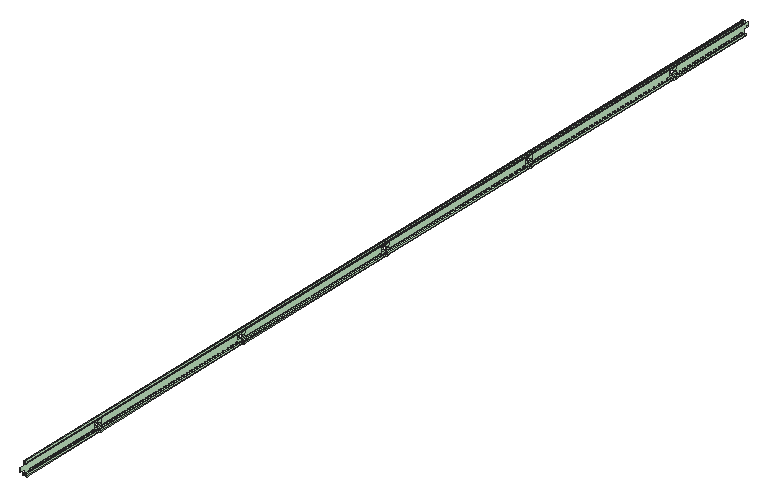
Revit family "eYバー4815メイン(640グリッド用)", category 機械設備, Revit 2022
Family settings
  丸型コネクタ寸法 = 直径を使用
  種別 = なし
  パーツ タイプ = 標準
  作業面ベース = いいえ
  常に垂直 = はい
  ロード時にボイドで切り取り = いいえ
  注釈の向きを維持 = いいえ
  共有 = いいえ
  部屋計算ポイント = いいえ
Parameters
  製造元 = "株式会社桐井製作所"
  既定の高さ = 0 mm
  URL = "https://www.kirii.co.jp/"
  K_長さ(mm) = 3200 mm
  K_材質 = "溶融亜鉛めっき鋼板及び鋼帯SGCC 一般用　カラー鋼板"
  K_品名 = "eYバー4815メイン(640グリッド用)"
  K_名称 = "Yバー"
  K_入数 = "20"
  K_バージョン情報 = "20250901"
  K_めっき付着量 = "JIS G 3302 Z12、カラー鋼板　塗装膜厚20μ(白色)"
  K_JIS規格 = "JIS G 3302"
Reference planes
  plane 1 "中心(正面/背面)": y = 0
  plane 2: z = 0
  plane 3 "中心(左/右)": x = 0
  plane 4: y = 3200
Forms (mm)
  Extrusion 1, solid
    sketch origin (0, 0, 7.1) x (-1, 0, 0) y (0, 0, 1)
      loop
        arc (6.336, -7.1) -> (7.064, -6.785) -> (7.334, -6.038) r 1
        line (7.334, -6.038) -> (6.959, -0.038)
        arc (6.959, -0.038) -> (6.645, 0.629) -> (5.961, 0.9) r 1
        line (5.961, 0.9) -> (0.4, 0.9) -> (0.4, 31)
        arc (0.4, 31) -> (0.715, 31.465) -> (1.263, 31.343) r 0.5
        arc (1.263, 31.343) -> (1.627, 31.018) -> (2.1, 30.9) r 1.011
        arc (2.1, 30.9) -> (2.736, 31.164) -> (3, 31.8) r 0.9
        line (3, 31.8) -> (3, 39.9)
        arc (3, 39.9) -> (2.473, 40.781) -> (1.448, 40.734) r 1
        line (1.448, 40.734) -> (0, 39.782) -> (-1.448, 40.734)
        arc (-1.448, 40.734) -> (-2.473, 40.781) -> (-3, 39.9) r 1
        line (-3, 39.9) -> (-3, 31.8)
        arc (-3, 31.8) -> (-2.736, 31.164) -> (-2.1, 30.9) r 0.9
        arc (-2.1, 30.9) -> (-1.627, 31.018) -> (-1.263, 31.343) r 1.011
        arc (-1.263, 31.343) -> (-0.715, 31.465) -> (-0.4, 31) r 0.5
        line (-0.4, 31) -> (-0.4, 0.9) -> (-5.961, 0.9)
        arc (-5.961, 0.9) -> (-6.645, 0.629) -> (-6.959, -0.036) r 1
        line (-6.959, -0.036) -> (-7.334, -6.039)
        arc (-7.334, -6.039) -> (-7.064, -6.785) -> (-6.336, -7.1) r 1
        line (-6.336, -7.1) -> (-3.65, -7.1)
        arc (-3.65, -7.1) -> (-3.4, -6.85) -> (-3.65, -6.6) r 0.25
        line (-3.65, -6.6) -> (-6.336, -6.6)
        arc (-6.336, -6.6) -> (-6.7, -6.442) -> (-6.835, -6.069) r 0.5
        line (-6.835, -6.069) -> (-6.46, -0.069)
        arc (-6.46, -0.069) -> (-6.2, 0.339) -> (-5.718, 0.337) r 0.5
        arc (-5.718, 0.337) -> (-5.317, 0.087) -> (-4.852, 0) r 1.28
        line (-4.852, 0) -> (4.852, 0)
        arc (4.852, 0) -> (5.317, 0.087) -> (5.718, 0.337) r 1.28
        arc (5.718, 0.337) -> (6.2, 0.339) -> (6.46, -0.069) r 0.5
        line (6.46, -0.069) -> (6.835, -6.069)
        arc (6.835, -6.069) -> (6.7, -6.442) -> (6.336, -6.6) r 0.5
        line (6.336, -6.6) -> (3.65, -6.6)
        arc (3.65, -6.6) -> (3.4, -6.85) -> (3.65, -7.1) r 0.25
        line (3.65, -7.1) -> (6.336, -7.1)
      loop
        arc (-1.668, 40.4) -> (-2.283, 40.429) -> (-2.6, 39.9) r 0.6
        line (-2.6, 39.9) -> (-2.6, 31.8)
        arc (-2.6, 31.8) -> (-2.302, 31.342) -> (-1.763, 31.431) r 0.5
        line (-1.763, 31.431) -> (-1.063, 31.885)
        arc (-1.063, 31.885) -> (-0.324, 31.692) -> (0, 31) r 0.9
        arc (0, 31) -> (0.324, 31.692) -> (1.063, 31.885) r 0.9
        line (1.063, 31.885) -> (1.763, 31.431)
        arc (1.763, 31.431) -> (2.302, 31.342) -> (2.6, 31.8) r 0.5
        line (2.6, 31.8) -> (2.6, 39.9)
        arc (2.6, 39.9) -> (2.283, 40.429) -> (1.668, 40.4) r 0.6
        line (1.668, 40.4) -> (0.549, 39.664)
        arc (0.549, 39.664) -> (0, 39.5) -> (-0.549, 39.664) r 1
        line (-0.549, 39.664) -> (-1.668, 40.4)
    from 0 to 3200
  Extrusion 2, solid
    sketch origin (0.4, 0, 38.1) x (0, 0, -1) y (0, 1, 0)
      loop
        line (3.661, 0) -> (3.661, -19.4)
        arc (3.661, -19.4) -> (3.954, -20.107) -> (4.661, -20.4) r 1
        line (4.661, -20.4) -> (16.783, -20.4)
        arc (16.783, -20.4) -> (17.49, -20.107) -> (17.783, -19.4) r 1
        line (17.783, -19.4) -> (17.783, 0) -> (17.783, 21.201) -> (3.661, 21.201) -> (3.661, 0)
    from -0.8 to 0
  Extrusion 3, void
    sketch origin (0.4, 660, 38.1) x (0, 0, 1) y (0, 1, 0)
      loop
        line (-5.5, 284.4) -> (-5.5, 315.6) -> (-23.1, 315.6) -> (-23.1, 284.4) -> (-5.5, 284.4)
    from 0 to 0.8
  Extrusion 4, void
    sketch origin (0, 2472.517, 0) x (-1, 0, 0) y (0, -1, 0)
      loop
        line (8.021, 1505.493) -> (8.021, 1520.226) -> (3.318, 1516.682) -> (3.318, 1509.037) -> (8.021, 1505.493)
    from 0 to 10
  Extrusion 5, void
    sketch origin (0, 662.195, 0) x (1, 0, 0) y (0, 1, 0)
      loop
        line (8.021, 290.095) -> (8.021, 304.829) -> (3.318, 301.285) -> (3.318, 293.639) -> (8.021, 290.095)
    from 0 to 10
  Extrusion 6, void
    sketch origin (-0.4, 678.192, 38.412) x (0, 0, 1) y (0, -1, 0)
      loop
        arc (-19.9, -284.4) -> (-14.3, -287.9) -> (-8.7, -284.4) r 6.23
        line (-8.7, -284.4) -> (-19.9, -284.4)
      loop
        arc (-8.7, -297.4) -> (-14.3, -293.9) -> (-19.9, -297.4) r 6.23
        line (-19.9, -297.4) -> (-8.7, -297.4)
    from 1.2 to 3.447
  Extrusion 7, solid
    sketch origin (-0.081, 678.2, -0.26) x (-1, 0, 0) y (0, 0, -1)
      loop
        line (-0.387, -33.66) -> (-0.387, -32.86) -> (-1.476, -32.86) -> (-1.476, -26.291)
        arc (-1.476, -26.291) -> (-2.487, -24.267) -> (-1.487, -22.238) r 2.545
        line (-1.487, -22.238) -> (-1.487, -15.26) -> (-0.387, -15.26) -> (-0.387, -14.46) -> (-2.087, -14.46) -> (-2.088, -21.96)
        arc (-2.088, -21.96) -> (-3.087, -24.26) -> (-2.087, -26.56) r 3.145
        line (-2.087, -26.56) -> (-2.087, -33.66) -> (-0.387, -33.66)
    from -297.4 to -284.4
  Extrusion 8, void
    sketch origin (0.4, 659.992, 38.413) x (0, 0, 1) y (0, 1, 0)
      loop
        line (-19.9, 284.4) -> (-8.7, 284.4)
        arc (-8.7, 284.4) -> (-14.3, 287.9) -> (-19.9, 284.4) r 6.23
      loop
        line (-8.7, 297.4) -> (-19.9, 297.4)
        arc (-19.9, 297.4) -> (-14.3, 293.9) -> (-8.7, 297.4) r 6.23
    from 1.2 to 3.447
  Extrusion 9, solid
    sketch origin (0.081, 660, -0.26) x (1, 0, 0) y (0, 0, 1)
      loop
        line (-0.387, 33.66) -> (-2.087, 33.66) -> (-2.087, 26.56)
        arc (-2.087, 26.56) -> (-3.087, 24.26) -> (-2.088, 21.96) r 3.145
        line (-2.088, 21.96) -> (-2.087, 14.46) -> (-0.387, 14.46) -> (-0.387, 15.26) -> (-1.487, 15.26) -> (-1.487, 22.238)
        arc (-1.487, 22.238) -> (-2.487, 24.267) -> (-1.476, 26.291) r 2.545
        line (-1.476, 26.291) -> (-1.476, 32.86) -> (-0.387, 32.86) -> (-0.387, 33.66)
    from -297.4 to -284.4
  Extrusion 10, void
    sketch origin (0, 0, 0) x (0, 1, 0) y (0, 0, 1)
      loop
        line (-9.2, 28.314) -> (-16.4, 28.314) -> (-16.4, 23.514) -> (-9.2, 23.514) -> (-9.2, 28.314)
    from -0.4 to 0.4
  Extrusion 11, void
    sketch origin (0.4, 1300, 38.1) x (0, 0, 1) y (0, 1, 0)
      loop
        line (-5.5, 284.4) -> (-5.5, 315.6) -> (-23.1, 315.6) -> (-23.1, 284.4) -> (-5.5, 284.4)
    from 0 to 0.8
  Extrusion 12, void
    sketch origin (0, 1303.014, 0) x (1, 0, 0) y (0, 1, 0)
      loop
        line (8.021, 290.095) -> (8.021, 304.829) -> (3.318, 301.285) -> (3.318, 293.639) -> (8.021, 290.095)
    from 0 to 10
  Extrusion 13, void
    sketch origin (0, 3113.335, 0) x (-1, 0, 0) y (0, -1, 0)
      loop
        line (8.021, 1505.493) -> (8.021, 1520.226) -> (3.318, 1516.682) -> (3.318, 1509.037) -> (8.021, 1505.493)
    from 0 to 10
  Extrusion 14, void
    sketch origin (-0.4, 1318.192, 38.412) x (0, 0, 1) y (0, -1, 0)
      loop
        arc (-19.9, -284.4) -> (-14.3, -287.9) -> (-8.7, -284.4) r 6.23
        line (-8.7, -284.4) -> (-19.9, -284.4)
      loop
        arc (-8.7, -297.4) -> (-14.3, -293.9) -> (-19.9, -297.4) r 6.23
        line (-19.9, -297.4) -> (-8.7, -297.4)
    from 1.2 to 3.447
  Extrusion 15, solid
    sketch origin (-0.081, 1318.2, -0.26) x (-1, 0, 0) y (0, 0, -1)
      loop
        line (-0.387, -33.66) -> (-0.387, -32.86) -> (-1.476, -32.86) -> (-1.476, -26.291)
        arc (-1.476, -26.291) -> (-2.487, -24.267) -> (-1.487, -22.238) r 2.545
        line (-1.487, -22.238) -> (-1.487, -15.26) -> (-0.387, -15.26) -> (-0.387, -14.46) -> (-2.087, -14.46) -> (-2.088, -21.96)
        arc (-2.088, -21.96) -> (-3.087, -24.26) -> (-2.087, -26.56) r 3.145
        line (-2.087, -26.56) -> (-2.087, -33.66) -> (-0.387, -33.66)
    from -297.4 to -284.4
  Extrusion 16, void
    sketch origin (0.4, 1299.992, 38.413) x (0, 0, 1) y (0, 1, 0)
      loop
        line (-19.9, 284.4) -> (-8.7, 284.4)
        arc (-8.7, 284.4) -> (-14.3, 287.9) -> (-19.9, 284.4) r 6.23
      loop
        line (-8.7, 297.4) -> (-19.9, 297.4)
        arc (-19.9, 297.4) -> (-14.3, 293.9) -> (-8.7, 297.4) r 6.23
    from 1.2 to 3.447
  Extrusion 17, solid
    sketch origin (0.081, 1300, -0.26) x (1, 0, 0) y (0, 0, 1)
      loop
        line (-0.387, 33.66) -> (-2.087, 33.66) -> (-2.087, 26.56)
        arc (-2.087, 26.56) -> (-3.087, 24.26) -> (-2.088, 21.96) r 3.145
        line (-2.088, 21.96) -> (-2.087, 14.46) -> (-0.387, 14.46) -> (-0.387, 15.26) -> (-1.487, 15.26) -> (-1.487, 22.238)
        arc (-1.487, 22.238) -> (-2.487, 24.267) -> (-1.476, 26.291) r 2.545
        line (-1.476, 26.291) -> (-1.476, 32.86) -> (-0.387, 32.86) -> (-0.387, 33.66)
    from -297.4 to -284.4
  Extrusion 18, void
    sketch origin (0.4, 1940, 38.1) x (0, 0, 1) y (0, 1, 0)
      loop
        line (-5.5, 284.4) -> (-5.5, 315.6) -> (-23.1, 315.6) -> (-23.1, 284.4) -> (-5.5, 284.4)
    from 0 to 0.8
  Extrusion 19, void
    sketch origin (0, 3753.334, 0) x (-1, 0, 0) y (0, -1, 0)
      loop
        line (8.021, 1505.493) -> (8.021, 1520.226) -> (3.318, 1516.682) -> (3.318, 1509.037) -> (8.021, 1505.493)
    from 0 to 10
  Extrusion 20, void
    sketch origin (0, 1943.012, 0) x (1, 0, 0) y (0, 1, 0)
      loop
        line (8.021, 290.095) -> (8.021, 304.829) -> (3.318, 301.285) -> (3.318, 293.639) -> (8.021, 290.095)
    from 0 to 10
  Extrusion 21, void
    sketch origin (-0.4, 1958.192, 38.412) x (0, 0, 1) y (0, -1, 0)
      loop
        arc (-19.9, -284.4) -> (-14.3, -287.9) -> (-8.7, -284.4) r 6.23
        line (-8.7, -284.4) -> (-19.9, -284.4)
      loop
        arc (-8.7, -297.4) -> (-14.3, -293.9) -> (-19.9, -297.4) r 6.23
        line (-19.9, -297.4) -> (-8.7, -297.4)
    from 1.2 to 3.447
  Extrusion 22, solid
    sketch origin (-0.081, 1958.2, -0.26) x (-1, 0, 0) y (0, 0, -1)
      loop
        line (-0.387, -33.66) -> (-0.387, -32.86) -> (-1.476, -32.86) -> (-1.476, -26.291)
        arc (-1.476, -26.291) -> (-2.487, -24.267) -> (-1.487, -22.238) r 2.545
        line (-1.487, -22.238) -> (-1.487, -15.26) -> (-0.387, -15.26) -> (-0.387, -14.46) -> (-2.087, -14.46) -> (-2.088, -21.96)
        arc (-2.088, -21.96) -> (-3.087, -24.26) -> (-2.087, -26.56) r 3.145
        line (-2.087, -26.56) -> (-2.087, -33.66) -> (-0.387, -33.66)
    from -297.4 to -284.4
  Extrusion 23, void
    sketch origin (0.4, 1939.992, 38.413) x (0, 0, 1) y (0, 1, 0)
      loop
        line (-19.9, 284.4) -> (-8.7, 284.4)
        arc (-8.7, 284.4) -> (-14.3, 287.9) -> (-19.9, 284.4) r 6.23
      loop
        line (-8.7, 297.4) -> (-19.9, 297.4)
        arc (-19.9, 297.4) -> (-14.3, 293.9) -> (-8.7, 297.4) r 6.23
    from 1.2 to 3.447
  Extrusion 24, solid
    sketch origin (0.081, 1940, -0.26) x (1, 0, 0) y (0, 0, 1)
      loop
        line (-0.387, 33.66) -> (-2.087, 33.66) -> (-2.087, 26.56)
        arc (-2.087, 26.56) -> (-3.087, 24.26) -> (-2.088, 21.96) r 3.145
        line (-2.088, 21.96) -> (-2.087, 14.46) -> (-0.387, 14.46) -> (-0.387, 15.26) -> (-1.487, 15.26) -> (-1.487, 22.238)
        arc (-1.487, 22.238) -> (-2.487, 24.267) -> (-1.476, 26.291) r 2.545
        line (-1.476, 26.291) -> (-1.476, 32.86) -> (-0.387, 32.86) -> (-0.387, 33.66)
    from -297.4 to -284.4
  Extrusion 25, void
    sketch origin (0.4, 2580, 38.1) x (0, 0, 1) y (0, 1, 0)
      loop
        line (-5.5, 284.4) -> (-5.5, 315.6) -> (-23.1, 315.6) -> (-23.1, 284.4) -> (-5.5, 284.4)
    from 0 to 0.8
  Extrusion 26, void
    sketch origin (0, 4392.845, 0) x (-1, 0, 0) y (0, -1, 0)
      loop
        line (8.021, 1505.493) -> (8.021, 1520.226) -> (3.318, 1516.682) -> (3.318, 1509.037) -> (8.021, 1505.493)
    from 0 to 10
  Extrusion 27, void
    sketch origin (0, 2582.523, 0) x (1, 0, 0) y (0, 1, 0)
      loop
        line (8.021, 290.095) -> (8.021, 304.829) -> (3.318, 301.285) -> (3.318, 293.639) -> (8.021, 290.095)
    from 0 to 10
  Extrusion 28, void
    sketch origin (-0.4, 2598.192, 38.412) x (0, 0, 1) y (0, -1, 0)
      loop
        arc (-19.9, -284.4) -> (-14.3, -287.9) -> (-8.7, -284.4) r 6.23
        line (-8.7, -284.4) -> (-19.9, -284.4)
      loop
        arc (-8.7, -297.4) -> (-14.3, -293.9) -> (-19.9, -297.4) r 6.23
        line (-19.9, -297.4) -> (-8.7, -297.4)
    from 1.2 to 3.447
  Extrusion 29, solid
    sketch origin (-0.081, 2598.2, -0.26) x (-1, 0, 0) y (0, 0, -1)
      loop
        line (-0.387, -33.66) -> (-0.387, -32.86) -> (-1.476, -32.86) -> (-1.476, -26.291)
        arc (-1.476, -26.291) -> (-2.487, -24.267) -> (-1.487, -22.238) r 2.545
        line (-1.487, -22.238) -> (-1.487, -15.26) -> (-0.387, -15.26) -> (-0.387, -14.46) -> (-2.087, -14.46) -> (-2.088, -21.96)
        arc (-2.088, -21.96) -> (-3.087, -24.26) -> (-2.087, -26.56) r 3.145
        line (-2.087, -26.56) -> (-2.087, -33.66) -> (-0.387, -33.66)
    from -297.4 to -284.4
  Extrusion 30, void
    sketch origin (0.4, 2579.992, 38.413) x (0, 0, 1) y (0, 1, 0)
      loop
        line (-19.9, 284.4) -> (-8.7, 284.4)
        arc (-8.7, 284.4) -> (-14.3, 287.9) -> (-19.9, 284.4) r 6.23
      loop
        line (-8.7, 297.4) -> (-19.9, 297.4)
        arc (-19.9, 297.4) -> (-14.3, 293.9) -> (-8.7, 297.4) r 6.23
    from 1.2 to 3.447
  Extrusion 31, solid
    sketch origin (0.081, 2580, -0.26) x (1, 0, 0) y (0, 0, 1)
      loop
        line (-0.387, 33.66) -> (-2.087, 33.66) -> (-2.087, 26.56)
        arc (-2.087, 26.56) -> (-3.087, 24.26) -> (-2.088, 21.96) r 3.145
        line (-2.088, 21.96) -> (-2.087, 14.46) -> (-0.387, 14.46) -> (-0.387, 15.26) -> (-1.487, 15.26) -> (-1.487, 22.238)
        arc (-1.487, 22.238) -> (-2.487, 24.267) -> (-1.476, 26.291) r 2.545
        line (-1.476, 26.291) -> (-1.476, 32.86) -> (-0.387, 32.86) -> (-0.387, 33.66)
    from -297.4 to -284.4
  Extrusion 32, void
    sketch origin (0.4, 20, 38.1) x (0, 0, 1) y (0, 1, 0)
      loop
        line (-5.5, 284.4) -> (-5.5, 315.6) -> (-23.1, 315.6) -> (-23.1, 284.4) -> (-5.5, 284.4)
    from 0 to 0.8
  Extrusion 33, void
    sketch origin (0.4, 20, 38.413) x (0, 0, 1) y (0, 1, 0)
      loop
        line (-19.9, 284.4) -> (-8.7, 284.4)
        arc (-8.7, 284.4) -> (-14.3, 287.9) -> (-19.9, 284.4) r 6.23
      loop
        line (-8.7, 297.4) -> (-19.9, 297.4)
        arc (-19.9, 297.4) -> (-14.3, 293.9) -> (-8.7, 297.4) r 6.23
    from 1.2 to 3.447
  Extrusion 34, void
    sketch origin (0, 22.538, 0) x (1, 0, 0) y (0, 1, 0)
      loop
        line (8.021, 290.095) -> (8.021, 304.829) -> (3.318, 301.285) -> (3.318, 293.639) -> (8.021, 290.095)
    from 0 to 10
  Extrusion 35, void
    sketch origin (0, 22.538, 0) x (-1, 0, 0) y (0, -1, 0)
      loop
        line (8.021, -290.095) -> (3.318, -293.639) -> (3.318, -301.285) -> (8.021, -304.829) -> (8.021, -290.095)
    from 0 to 10
  Extrusion 36, solid
    sketch origin (0.081, 20.008, -0.26) x (1, 0, 0) y (0, 0, 1)
      loop
        line (-0.387, 33.66) -> (-2.087, 33.66) -> (-2.087, 26.56)
        arc (-2.087, 26.56) -> (-3.087, 24.26) -> (-2.088, 21.96) r 3.145
        line (-2.088, 21.96) -> (-2.087, 14.46) -> (-0.387, 14.46) -> (-0.387, 15.26) -> (-1.487, 15.26) -> (-1.487, 22.238)
        arc (-1.487, 22.238) -> (-2.487, 24.267) -> (-1.476, 26.291) r 2.545
        line (-1.476, 26.291) -> (-1.476, 32.86) -> (-0.387, 32.86) -> (-0.387, 33.66)
    from -297.4 to -284.4
  Extrusion 37, void
    sketch origin (-0.4, 38.192, 38.413) x (0, 0, 1) y (0, -1, 0)
      loop
        arc (-19.9, -284.4) -> (-14.3, -287.9) -> (-8.7, -284.4) r 6.23
        line (-8.7, -284.4) -> (-19.9, -284.4)
      loop
        arc (-8.7, -297.4) -> (-14.3, -293.9) -> (-19.9, -297.4) r 6.23
        line (-19.9, -297.4) -> (-8.7, -297.4)
    from 1.2 to 3.447
  Extrusion 38, solid
    sketch origin (-0.081, 38.2, -0.26) x (-1, 0, 0) y (0, 0, -1)
      loop
        line (-0.387, -33.66) -> (-0.387, -32.86) -> (-1.476, -32.86) -> (-1.476, -26.291)
        arc (-1.476, -26.291) -> (-2.487, -24.267) -> (-1.487, -22.238) r 2.545
        line (-1.487, -22.238) -> (-1.487, -15.26) -> (-0.387, -15.26) -> (-0.387, -14.46) -> (-2.087, -14.46) -> (-2.088, -21.96)
        arc (-2.088, -21.96) -> (-3.087, -24.26) -> (-2.087, -26.56) r 3.145
        line (-2.087, -26.56) -> (-2.087, -33.66) -> (-0.387, -33.66)
    from -297.4 to -284.4
  Extrusion 39, solid
    sketch origin (0.4, 3200, 38.1) x (0, 0, -1) y (0, 1, 0)
      loop
        line (3.661, 0) -> (3.661, -21.201) -> (17.783, -21.201) -> (17.783, 0) -> (17.783, 19.4)
        arc (17.783, 19.4) -> (17.49, 20.107) -> (16.783, 20.4) r 1
        line (16.783, 20.4) -> (4.661, 20.4)
        arc (4.661, 20.4) -> (3.954, 20.107) -> (3.661, 19.4) r 1
        line (3.661, 19.4) -> (3.661, 0)
    from -0.8 to 0
  Extrusion 40, void
    sketch origin (0, 3200, 0) x (0, -1, 0) y (0, 0, -1)
      loop
        line (-9.2, -28.314) -> (-9.2, -23.514) -> (-16.4, -23.514) -> (-16.4, -28.314) -> (-9.2, -28.314)
    from -0.4 to 0.4
Cuts and joins
  Extrusion 3, Extrusion 4, Extrusion 5, Extrusion 10, Extrusion 11, Extrusion 12, Extrusion 13, Extrusion 18, Extrusion 19, Extrusion 20, Extrusion 25, Extrusion 26, Extrusion 27, Extrusion 32, Extrusion 34, Extrusion 35, Extrusion 40 cuts Extrusion 1
  Extrusion 3, Extrusion 4, Extrusion 10, Extrusion 11, Extrusion 12, Extrusion 13, Extrusion 18, Extrusion 19, Extrusion 20, Extrusion 25, Extrusion 26, Extrusion 27, Extrusion 32, Extrusion 34, Extrusion 35, Extrusion 40 cuts Extrusion 2
  Extrusion 14, Extrusion 18, Extrusion 19, Extrusion 20, Extrusion 25, Extrusion 26, Extrusion 27, Extrusion 32, Extrusion 34, Extrusion 35, Extrusion 40 cuts Extrusion 15
  Extrusion 16, Extrusion 18, Extrusion 19, Extrusion 20, Extrusion 25, Extrusion 26, Extrusion 27, Extrusion 32, Extrusion 34, Extrusion 35, Extrusion 40 cuts Extrusion 17
  Extrusion 21, Extrusion 25, Extrusion 26, Extrusion 27, Extrusion 32, Extrusion 34, Extrusion 35, Extrusion 40 cuts Extrusion 22
  Extrusion 23, Extrusion 25, Extrusion 26, Extrusion 27, Extrusion 32, Extrusion 34, Extrusion 35, Extrusion 40 cuts Extrusion 24
  Extrusion 28, Extrusion 32, Extrusion 34, Extrusion 35, Extrusion 40 cuts Extrusion 29
  Extrusion 30, Extrusion 32, Extrusion 34, Extrusion 35, Extrusion 40 cuts Extrusion 31
  Extrusion 33, Extrusion 40 cuts Extrusion 36
  Extrusion 37, Extrusion 40 cuts Extrusion 38
  Extrusion 40 cuts Extrusion 39
  joined: Extrusion 1, Extrusion 2, Extrusion 15, Extrusion 17, Extrusion 22, Extrusion 24, Extrusion 29, Extrusion 31, Extrusion 36, Extrusion 38, Extrusion 39
  Extrusion 6 cuts Extrusion 7
  Extrusion 8 cuts Extrusion 9
Dimensions and locks
  plane 4 to plane 1 "中心(正面/背面)" = 3200 mm
  aligned and locked: level to plane 2
  aligned and locked: plane 4 to Extrusion 1
